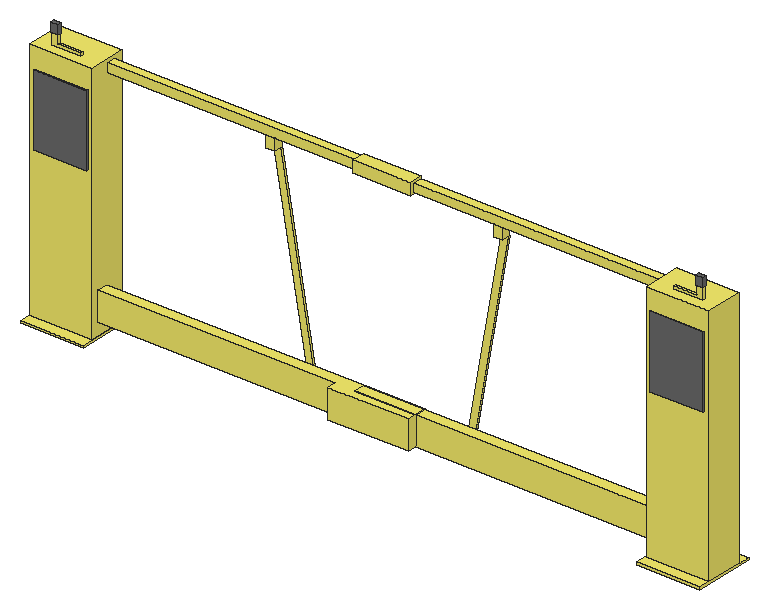
Revit family "Safety_Dock-Gate_Nova-Tech_Sentinel", category Generic Models, Revit 2026
Family settings
  Can host rebar = No
  Round Connector Dimension = Use Diameter
  Part Type = Normal
  Classification Number = 23.50.70.00
  Work Plane-Based = Yes
  Always vertical = No
  Cut with Voids When Loaded = No
  Maintain Annotation Orientation = No
  Shared = No
  Room Calculation Point = No
Parameters
  topbarsidelength = Unit Width - topbarlength + (0' 9 1/4" * 2) + 0' 5"  # 4' - 9 1/4"
  topbarlength = (Unit Width / 2) + 1' 2 1/4"  # 5' - 2 1/4"
  openangle [instance] = if(Gate Closed, 0.00°, 90.00°)  # 0.00°
  centerbraceangle [instance] = if(Gate Closed, 100.00°, 100.00° - openangle - 5.00°)  # 100.00°
  bottombarsidelength = Unit Width - bottombarlength + (0' 3 3/4" * 2) + 0' 7" + 0' 7"  # 4' - 9"
  bottombarlength = (Unit Width / 2) + 1' 0 1/2"  # 5' - 0 1/2"
  Warranty Duration (Years) = 0
  Unit Width = 8' - 0"
  Unit Height = 3' - 6 1/2"
  Unit Depth = 0' - 10 1/2"
  URL = "http://www.novalocks.com/"
  Test Data = ""
  Specification = "http://arcat.com/arcatcos/cos43/arc43493.html?isac=1&r=2"
  SpecWizard = ""
  Send Message = "http://www.arcat.com/users.pl?action=UserEmail&company=Nova+Technology&coid=43493&rep=132&fax=262-502-1511&mf="
  Sales Information = "http://www.novalocks.com/general-contact-info/"
  Revision = "R1_04-2013"
  Product Properties = ""
  Product Data = "http://arcat.com/arcatcos/cos43/arc43493.html?isac=1&r=2"
  Model = "As Specified"
  Manufacturer Website = "http://www.novalocks.com/"
  Manufacturer Phone - Toll Free = "800-236-7325"
  Manufacturer Phone = "262-502-1591"
  Manufacturer Fax = "262-502-1511"
  Manufacturer Address = "N90 W14507 Commerce Dr. Menomonee Falls, WI 53051"
  Manufacturer = "Nova Technology"
  Maintenance Schedule (Months) = 0
  Keynote = "11160"
  Installation-Fabrication = ""
  Installation Phase = ""
  Green Building-LEED = ""
  Gate Open [instance] = not(Gate Closed)  # no
  Gate Closed [instance] = yes
  Fixture Material = Metal - Nova - Yellow
  Expected Lifespan (Years) = 0
  Drawn By = "Sumex Design, Inc. / Robert S. Weygant, CSI, CDT, SCIP"
  Description = "Nova Technology Dock Product as Specified"
  Default Elevation = 4' - 0"
  Copyright = "©Arcat Inc."
  Construction Details = ""
  Capacity = "32000 lbs"
  Building Codes = ""
  Assembly Code = "E1030300"
  Accent [instance] = Metal - Nova - Black
Reference planes (in)
  plane 1 "Wall Side": y = 0
  plane 2 "Host": z = 0
  plane 3 "Center (Left/Right)": x = 0
  plane 4 "OH": y = -10.5
  plane 5 "Top": z = 42.5
  plane 6: x = -48
  plane 7: x = 48
  plane 8: z = 2.5
  plane 9: z = 5
  plane 10: x = -51.75
  plane 11: x = 51.75
  plane 12: z = 42
  plane 13: x = -57.25
  plane 14: x = 57.25
  plane 15: z = 41.25
Forms (in)
  Extrusion 1, solid, material "Metal - Nova - Yellow" <- "Fixture Material"
    sketch origin (0, 0, 0) x (1, 0, 0) y (0, 1, 0)
      loop
        line (-48, 0) -> (-59, 0) -> (-59, -10.5) -> (-48, -10.5) -> (-48, 0)
      loop
        line (48, 0) -> (48, -10.5) -> (59, -10.5) -> (59, 0) -> (48, 0)
    from 0 to 0.4
  Extrusion 2, solid, material "Metal - Nova - Yellow" <- "Fixture Material"
    sketch origin (0, 0, 0) x (1, 0, 0) y (0, 1, 0)
      loop
        line (-59, -8.5) -> (-48.25, -8.5) -> (-48.25, -2) -> (-59, -2) -> (-59, -8.5)
      loop
        line (59, -8.5) -> (59, -2) -> (48.25, -2) -> (48.25, -8.5) -> (59, -8.5)
    from 0 to 42.5
  Extrusion 3, solid, material "Metal - Nova - Yellow" <- "Fixture Material"
    sketch origin (-51.75, 0, 5) x (1, 0, 0) y (0, 0, 1)
      loop
        line (58.75, -2.5) -> (58.75, 2.5) -> (-1.75, 2.5) -> (-1.75, -2.5) -> (58.75, -2.5)
    from 5.25 to 7.25
  Extrusion 4, solid, material "Metal - Nova - Yellow" <- "Fixture Material"
    sketch origin (-51.75, 0, 5) x (1, 0, 0) y (0, 0, 1)
      loop
        line (58.75, 2.5) -> (44.75, 2.5) -> (44.75, -2.5) -> (58.75, -2.5) -> (58.75, 2.5)
    from 5.25 to 8.75
  Extrusion 5, solid, material "Metal - Nova - Yellow" <- "Fixture Material"
    sketch origin (51.75, 0, 5) x (-1, 0, 0) y (0, 0, -1)
      loop
        line (55.25, -2.5) -> (55.25, 2.5) -> (-1.75, 2.5) -> (-1.75, -2.5) -> (55.25, -2.5)
    from 5.25 to 7.25
  Extrusion 6, solid, material "Metal - Nova - Yellow" <- "Fixture Material"
    sketch origin (-11.94222, -10.5, 48) x (-1, 0, 0) y (0, 0, 1)
      loop
        line (44.55778, -5.5) -> (44.55778, -3.5) -> (43.55778, -3.5) -> (43.55778, -5) -> (39.55778, -5) -> (39.55778, -5.5) -> (44.55778, -5.5)
      loop
        line (-68.44222, -5.5) -> (-63.44222, -5.5) -> (-63.44222, -5) -> (-67.44222, -5) -> (-67.44222, -3.5) -> (-68.44222, -3.5) -> (-68.44222, -5.5)
    from 3.76421 to 4.0972
  Extrusion 7, solid, material "Metal - Nova - Black" <- "Accent"
    sketch origin (-11.94222, -10.5, 48) x (-1, 0, 0) y (0, 0, 1)
      loop
        line (43.43278, -3.5) -> (44.68278, -3.5) -> (44.68278, -1.875) -> (43.43278, -1.875) -> (43.43278, -3.5)
      loop
        line (-67.31722, -3.5) -> (-67.31722, -1.875) -> (-68.56722, -1.875) -> (-68.56722, -3.5) -> (-67.31722, -3.5)
    from 3.63277 to 4.19996
  Extrusion 8, solid, material "Metal - Nova - Yellow" <- "Fixture Material"
    sketch origin (-57.25, 0, 41.25) x (1, 0, 0) y (0, 0, 1)
      loop
        line (0, 0.75) -> (0, -0.75) -> (62.25, -0.75) -> (62.25, 0.75) -> (0, 0.75)
    from 3.75 to 5.25
  Extrusion 9, solid, material "Metal - Nova - Yellow" <- "Fixture Material"
    sketch origin (-57.25, 0, 41.25) x (1, 0, 0) y (0, 0, 1)
      loop
        line (62.25, 1) -> (52.25, 1) -> (52.25, -1) -> (62.25, -1) -> (62.25, 1)
    from 3.5 to 5.75
  Extrusion 10, solid, material "Metal - Nova - Yellow" <- "Fixture Material"
    sketch origin (57.25, 0, 41.25) x (-1, 0, 0) y (0, 0, -1)
      loop
        line (0, -0.75) -> (57.25, -0.75) -> (57.25, 0.75) -> (0, 0.75) -> (0, -0.75)
    from 3.75 to 5.25
  Extrusion 11, solid, material "Metal - Nova - Yellow" <- "Fixture Material"
    sketch origin (-61.25, 0, 41.25) x (1, 0, 0) y (0, 0, 1)
      loop
        line (42.25, -0.75) -> (40.75, -0.75) -> (40.75, -2.75) -> (42.25, -2.75) -> (42.25, -0.75)
    from 3.75 to 5.25
  Extrusion 12, solid, material "Metal - Nova - Yellow" <- "Fixture Material"
    sketch origin (61.25, 0, 41.25) x (-1, 0, 0) y (0, 0, -1)
      loop
        line (42.25, 0.75) -> (42.25, 2.75) -> (40.75, 2.75) -> (40.75, 0.75) -> (42.25, 0.75)
    from 3.75 to 5.25
  Extrusion 13, solid, material "Metal - Nova - Yellow" <- "Fixture Material"
    sketch origin (-19.75, 0, 38.5) x (0.173648, 0, -0.984808) y (0.984808, 0, 0.173648)
      loop
        line (34.01679, -0.625) -> (34.01679, 0.625) -> (0, 0.625) -> (0, -0.625) -> (34.01679, -0.625)
    from 3.5 to 3.75
  Extrusion 14, solid, material "Metal - Nova - Yellow" <- "Fixture Material"
    sketch origin (19.75, 0, 38.5) x (-0.173648, 0, -0.984808) y (0.984808, 0, -0.173648)
      loop
        line (0, 0.625) -> (0, -0.625) -> (34.01679, -0.625) -> (34.01679, 0.625) -> (0, 0.625)
    from 3.5 to 3.75
  Extrusion 15, solid, material "Metal - Nova - Black" <- "Accent"
    sketch origin (-11.94222, -10.5, 48) x (-1, 0, 0) y (0, 0, 1)
      loop
        line (46.16719, -9.02821) -> (36.91719, -9.02821) -> (36.91719, -21.52821) -> (46.16719, -21.52821) -> (46.16719, -9.02821)
      loop
        line (-70.05163, -9.02821) -> (-70.05163, -21.52821) -> (-60.80163, -21.52821) -> (-60.80163, -9.02821) -> (-70.05163, -9.02821)
    from 1.81056 to 2
Cuts and joins
  joined: Extrusion 3, Extrusion 4
  joined: Extrusion 8, Extrusion 9
Lines and regions (in)
  reference lines
    curve 1: line (-51.75, 0, 5) -> (-7, 0, 5)
    curve 3: line (51.75, 0, 5) -> (7, 0, 5)
    curve 4: line (-57.25, 0, 41.25) -> (-33.25, 0, 41.25)
    curve 5: line (57.25, 0, 41.25) -> (33.25, 0, 41.25)
    curve 6: line (-19.75, 0, 38.5) -> (-13.84305, 0, 5)
    curve 7: line (19.75, 0, 38.5) -> (13.84305, 0, 5)
  symbolic lines
    curve 2: line (-48.25, -8.5, 0) -> (-48.25, -7.25, 0)
Dimensions and locks (in)
  equal spacing: plane 6, plane 3 "Center (Left/Right)", plane 7
  "Unit Width": plane 6 to plane 7
  "Unit Depth": plane 4 "OH" to plane 1 "Wall Side"
  "Unit Height": plane 5 "Top" to level
  locked: plane 7 to Extrusion 1 sketch curve at 11
  locked: Extrusion 1 sketch curve to plane 6 at 11
  locked: Extrusion 2 sketch curve to plane 6 at 11
  locked: plane 7 to Extrusion 2 sketch curve at 11
  locked: plane 7 to Extrusion 2 sketch curve at 0.25
  locked: Extrusion 2 sketch curve to plane 6 at 0.25
  locked: plane 8 to level at 2.5
  locked: Extrusion 3 sketch curve to Extrusion 3 sketch curve at 5
  locked: plane 6 to plane 10 at 3.75
  "bottombarlength": Extrusion 3 sketch curve to Extrusion 3 sketch curve
  "bottombarlength": Extrusion 3 to Extrusion 4 sketch curve
  locked: Extrusion 4 sketch curve to Extrusion 4 sketch curve at 14
  "bottombarsidelength": Extrusion 5 sketch curve to Extrusion 5 sketch curve
  locked: Extrusion 5 sketch curve to Extrusion 5 sketch curve at 5
  plane 6 to Extrusion 6 sketch curve to Extrusion 6 sketch curve to Extrusion 6 sketch curve = 0' - 3 1/2" locked, 0' - 4" locked, 0' - 1" locked
  Extrusion 6 sketch curve to Extrusion 6 sketch curve to Extrusion 6 sketch curve to plane 7 = 0' - 1" locked, 0' - 4" locked, 0' - 3 1/2" locked
  locked: plane 5 "Top" to plane 12 at 0.5
  locked: plane 6 to plane 13 at 9.25
  locked: plane 11 to plane 7 at 3.75
  locked: plane 14 to plane 7 at 9.25
  locked: plane 12 to plane 15 at 0.75
  "topbarlength": Extrusion 8 sketch curve to Extrusion 8 sketch curve
  locked: Extrusion 8 sketch curve to Extrusion 8 sketch curve at 1.5
  "topbarlength": Extrusion 8 to Extrusion 9 sketch curve
  locked: Extrusion 9 sketch curve to Extrusion 9 sketch curve at 10
  "topbarsidelength": Extrusion 10 sketch curve to Extrusion 10 sketch curve
  "openangle": angle plane 9 to curve 1
  "openangle": angle curve 3 to plane 9
  "openangle": angle plane 15 to curve 4
  "openangle": angle curve 5 to plane 15
  "centerbraceangle": angle curve 4 to curve 6
  "centerbraceangle": angle curve 7 to curve 5
  aligned and locked: plane 7 to Extrusion 1 sketch curve
  aligned and locked: plane 1 "Wall Side" to Extrusion 1 sketch curve
  aligned and locked: plane 4 "OH" to Extrusion 1 sketch curve
  aligned and locked: Extrusion 1 sketch curve to plane 1 "Wall Side"
  aligned and locked: Extrusion 1 sketch curve to plane 4 "OH"
  aligned and locked: plane 6 to Extrusion 1 sketch curve
  aligned and locked: Extrusion 2 to plane 5 "Top"
  aligned and locked: plane 9 to curve 1
  aligned and locked: plane 10 to curve 1
  aligned and locked: plane 11 to curve 3
  aligned and locked: plane 9 to curve 3
  aligned and locked: plane 13 to curve 4
  aligned and locked: plane 15 to curve 4
  aligned and locked: plane 14 to curve 5
  aligned and locked: plane 15 to curve 5
Automatic sketch dimensions
  curve 2 to plane 6 = 0' - 0 1/4"
  plane 4 "OH" to curve 2 = 0' - 2"
  curve 2 to curve 2 = 0' - 1 1/4"
  plane 4 "OH" to Extrusion 2 sketch curve = 0' - 2"  (x2)
  plane 1 "Wall Side" to Extrusion 2 sketch curve = 0' - 2"  (x2)
  Extrusion 3 sketch curve to curve 1 = 0' - 1 3/4"
  Extrusion 3 sketch curve to curve 1 = 0' - 2 1/2"
  curve 1 to Extrusion 4 sketch curve = 0' - 2 1/2"
  Extrusion 4 sketch curve to curve 1 = 0' - 2 1/2"
  Extrusion 5 sketch curve to curve 3 = 0' - 1 3/4"
  Extrusion 5 sketch curve to curve 3 = 0' - 2 1/2"
  Extrusion 6 sketch curve to plane 5 "Top" = 0' - 0"  (x2)
  plane 5 "Top" to Extrusion 6 sketch curve = 0' - 0 1/2"  (x2)
  Extrusion 6 sketch curve to Extrusion 6 sketch curve = 0' - 1 1/2"  (x2)
  plane 14 to Extrusion 7 sketch curve = 0' - 0 5/8"
  Extrusion 7 sketch curve to Extrusion 7 sketch curve = 0' - 1 1/4"
  plane 13 to Extrusion 7 sketch curve = 0' - 1 7/8"
  plane 13 to Extrusion 7 sketch curve = 0' - 0 5/8"
  plane 5 "Top" to Extrusion 7 sketch curve = 0' - 2"  (x2)
  Extrusion 7 sketch curve to Extrusion 7 sketch curve = 0' - 1 5/8"  (x2)
  Extrusion 8 sketch curve to curve 4 = 0' - 0"
  Extrusion 8 sketch curve to curve 4 = 0' - 0 3/4"
  curve 4 to Extrusion 9 sketch curve = 0' - 1"
  Extrusion 9 sketch curve to curve 4 = 0' - 1"
  Extrusion 10 sketch curve to curve 5 = 0' - 0"
  Extrusion 10 sketch curve to curve 5 = 0' - 0 3/4"
  curve 5 to Extrusion 10 sketch curve = 0' - 0 3/4"
  curve 4 to Extrusion 11 sketch curve = 0' - 0 3/4"
  curve 4 to Extrusion 11 sketch curve = 1' - 0 3/4"
  Extrusion 11 sketch curve to Extrusion 11 sketch curve = 0' - 1 1/2"
  Extrusion 11 sketch curve to Extrusion 11 sketch curve = 0' - 2"
  Extrusion 12 sketch curve to curve 5 = 0' - 0 3/4"
  curve 5 to Extrusion 12 sketch curve = 1' - 0 3/4"
  Extrusion 12 sketch curve to Extrusion 12 sketch curve = 0' - 1 1/2"
  Extrusion 12 sketch curve to Extrusion 12 sketch curve = 0' - 2"
  Extrusion 13 sketch curve to curve 6 = 0' - 0"  (x2)
  Extrusion 13 sketch curve to curve 6 = 0' - 0 5/8"
  curve 6 to Extrusion 13 sketch curve = 0' - 0 5/8"
  Extrusion 14 sketch curve to curve 7 = 0' - 0"  (x2)
  Extrusion 14 sketch curve to curve 7 = 0' - 0 5/8"
  curve 7 to Extrusion 14 sketch curve = 0' - 0 5/8"
  Extrusion 15 sketch curve to plane 14 = 0' - 0.85941"
  plane 7 to Extrusion 15 sketch curve = 0' - 0.85941"
  Extrusion 15 sketch curve to plane 6 = 0' - 0.85941"
  Extrusion 15 sketch curve to plane 13 = 0' - 0.85941"
  Extrusion 15 sketch curve to plane 15 = 1' - 2.77821"  (x2)
  Extrusion 15 sketch curve to plane 15 = 0' - 2.27821"  (x2)
  curve 7 to curve 5 = 0' - 2 3/4"
  curve 5 to curve 7 = 1' - 1 1/2"
  curve 4 to curve 6 = 0' - 2 3/4"
  curve 4 to curve 6 = 1' - 1 1/2"
